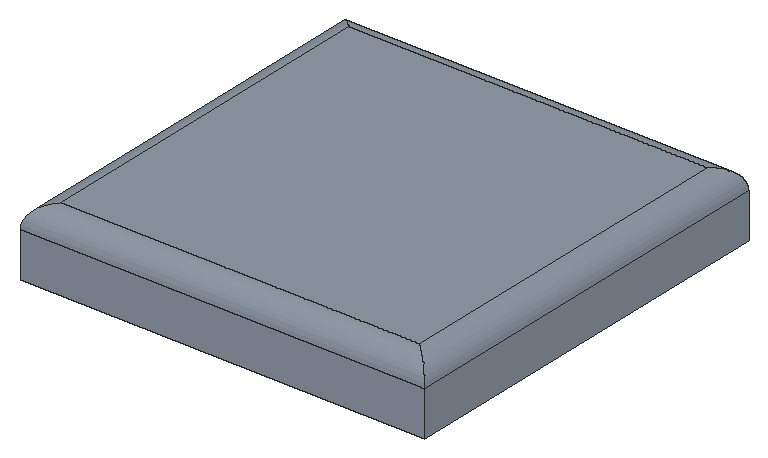
Revit family "FU_Seat_LAPSE 0220TA", category Furniture, Revit 2022
Family settings
  OmniClass Number = 23.40.20.00
  OmniClass Title = General Furniture and Specialties
  Work Plane-Based = No
  Always vertical = Yes
  Cut with Voids When Loaded = No
  Render Appearance Source = Family Geometry
  Shared = No
  Room Calculation Point = No
Parameters (values of type "LAP 0220TA")
  Width = 720 mm
  URL = "https://www.sandlerseating.com/product/lapse-0220ta-2/"
  Seat [instance] = Fabric - Gravity - Frozen CPC27
  Model = "Lapse 0220TA"
  Manufacturer = "Sandler"
  Height = 120 mm
  Elevation = 336 mm
  Description = "Backless upholstered seat in the Lapse modular sofa range, 72cm x 72cm / 28.3\" x 28.3\"."
  Depth = 720 mm
  Default Elevation = 336 mm
Reference planes
  plane 1 "Center (Front/Back)": y = 0
  plane 2 "Elevation": z = 336
  plane 3 "Center (Left/Right)": x = 0
  plane 4: x = -360
  plane 5: x = 360
  plane 6: y = -360
  plane 7: y = 360
  plane 8 "Height": z = 456
Forms (mm)
  Extrusion 1, solid, material "Fabric - Gravity - Frozen CPC27" <- "Seat"
    sketch origin (0, 0, 0) x (0, 1, 0) y (0, 0, 1)
      loop
        line (360, 456) -> (-360, 456) -> (-360, 336) -> (360, 336) -> (360, 456)
    from -360 to 360
  Sweep 2, void
    path in 3D
      loop
        line (-360, -360, 456) -> (-360, 360, 456) -> (360, 360, 456) -> (360, -360, 456) -> (-360, -360, 456)
    profile "Pro_edgeCut_40mm : Pro_edgeCut_40mm" origin (0, -360, 456) x (0, -1, 0) y (0, 0, 1)
      loop
        line (21.213, -7.071) -> (-7.071, 21.213) -> (-40, 0)
        arc (-40, 0) -> (-11.716, -11.716) -> (0, -40) r 40
        line (0, -40) -> (21.213, -7.071)
Cuts and joins
  Sweep 2 cuts Extrusion 1
Lines and regions (mm)
  sketch lines
    curve 1: line (360, -360, 456) -> (-360, -360, 456)
    curve 2: line (360, 360, 456) -> (360, -360, 456)
    curve 3: line (360, 360, 456) -> (-360, 360, 456)
    curve 4: line (-360, -360, 456) -> (-360, 360, 456)
Dimensions and locks
  equal spacing: plane 4, plane 3 "Center (Left/Right)", plane 5
  equal spacing: plane 7, plane 1 "Center (Front/Back)", plane 6
  "Depth": plane 7 to plane 6
  "Width": plane 4 to plane 5
  "Height": plane 8 "Height" to plane 2 "Elevation"
  "Elevation": plane 2 "Elevation" to level
  aligned and locked: plane 2 "Elevation" to Extrusion 1 sketch curve
Automatic sketch dimensions
  Extrusion 1 sketch curve to plane 6 = 0 mm
  Extrusion 1 sketch curve to plane 7 = 0 mm
  Extrusion 1 sketch curve to plane 8 "Height" = 0 mm
